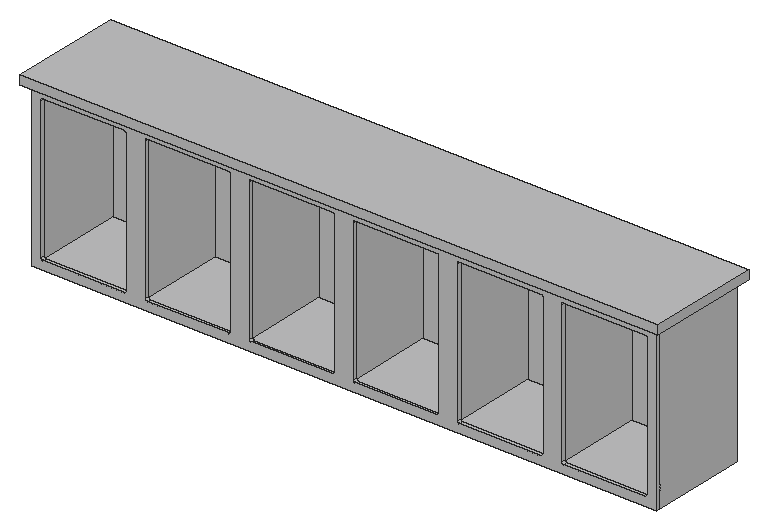
Revit family "Bench_Locker-Bradley_Corp-Lenox_6_Cubby_Bench", category Specialty Equipment, Revit 2021
Family settings
  Round Connector Dimension = Use Diameter
  Part Type = Normal
  OmniClass Number = 23.40.00.00
  OmniClass Title = Equipment and Furnishings
  Work Plane-Based = No
  Always vertical = Yes
  Cut with Voids When Loaded = No
  Shared = No
  Room Calculation Point = No
Parameters (values of type "72" Long - 6 Cubby Locker")
  Warranty Information = "20 years"
  Version = "2023-08-18"
  URL = "http://www.bradleycorp.com/"
  Type Comments = ""
  Tiers = 2
  Technical Data = ""
  Specifications URL = "https://www.bradleycorp.com/mediamanager/view/10380/CSI_Specification_Guideline_Section_105126.pdf"
  Product Tech Data URL - Spanish = ""
  Product Tech Data URL - French = ""
  Product Tech Data URL - English = "https://www.bradleycorp.com/mediamanager/view/10121/Cubby_Bench_Locker.pdf"
  Product Page URL = "https://www.bradleycorp.com/product/cubby-bench-lockers"
  OmniClass Table 23 Title = "Clothing Lockers"
  OmniClass Table 23 Number = "23-21 15 15"
  OmniClass Table 21 Title = "Storage Specialties"
  OmniClass Table 21 Number = "21-03 10 90 70"
  Modeling Code = ""
  Material Note = "Other colors available - see www.bradleycorp.com"
  MasterFormat Title = "Plastic Lockers"
  MasterFormat Number = "10 51 26"
  Locker Bench/Frame Material [instance] = Plastic - Bradley Corp - HDPE - Gray
  Model = "Lenox Cubby Bench Lockers"
  Manufacturer = "Bradley Corporation"
  Industry Standards = "n/a"
  Height = 19 3/4"
  Fire Rating = "n/a"
  Thickness [instance] = 3" / 8  # 3/8"
  Door Type [instance] = "Standard"
  Description = "Solid Plastic Cubby Bench & Lockers"
  Default Elevation = 0"
  Copyright = "This Model Data is Property of Bradley Corporation"
  Construction Comments [instance] = ""
  Bench Length [instance] = 72"
  Assembly Code = "C1030310"
  ADA Compliant = no
Reference planes (in)
  plane 1 "Center (Front/Back)": y = -3.25
  plane 2: z = -8.5
  plane 3: x = 71.5625
  plane 4 "Bottom": z = 0
  plane 5 "F.O. Bench": y = -9
  plane 6 "Left": x = -9.75
  plane 7 "Center L/T": x = 38.25
  plane 8 "Center L/U": x = 2.25
  plane 9 "C.O. Bench": x = 26.25
  plane 10 "C.O. Divider": x = 14.25
  plane 11 "Top of Bench": z = 19.75
  plane 12 "B.O. Bench Top": z = 18.75
  plane 13 "E.O. Bench Top LEFT": x = -10.5
  plane 14 "F.O. Bench Top": y = -9.75
  plane 15 "B.O. Bench Base": y = 2.5
  plane 16 "B.O. Face Plate": y = -8.625
  plane 17 "Bench Top Back": y = 3.25
  plane 18 "Left Inside Cabinet": x = -9.375
  plane 19: z = 0.375
  plane 20 "Center L/BB": x = 50.25
  plane 21 "Center L/CC": y = 2.125
  plane 22 "Center L/DD": x = 62.25
  plane 23 "E.O. Bench Top RIGHT": x = 63
  plane 24 "Right Inside Cabinet": x = 61.875
Forms (in)
  Extrusion 1, solid, material "Plastic - Bradley Corp - HDPE - Gray" <- "Locker Bench/Frame Material", detail levels medium+fine
    sketch origin (-0.75, -9, 0) x (-1, 0, 0) y (0, 0, 1)
      loop
        line (9, 0) -> (9, 18.75) -> (-63, 18.75) -> (-63, 0) -> (9, 0)
      loop
        arc (-1.6875, 17.75) -> (-1.86428, 17.67678) -> (-1.9375, 17.5) r 0.25
        line (-1.9375, 17.5) -> (-1.9375, 1.25)
        arc (-1.9375, 1.25) -> (-1.86428, 1.07322) -> (-1.6875, 1) r 0.25
        line (-1.6875, 1) -> (7.6875, 1)
        arc (7.6875, 1) -> (7.86428, 1.07322) -> (7.9375, 1.25) r 0.25
        line (7.9375, 1.25) -> (7.9375, 17.5)
        arc (7.9375, 17.5) -> (7.86428, 17.67678) -> (7.6875, 17.75) r 0.25
        line (7.6875, 17.75) -> (-1.6875, 17.75)
      loop
        arc (-13.9375, 1.25) -> (-13.86428, 1.07322) -> (-13.6875, 1) r 0.25
        line (-13.6875, 1) -> (-4.3125, 1)
        arc (-4.3125, 1) -> (-4.13572, 1.07322) -> (-4.0625, 1.25) r 0.25
        line (-4.0625, 1.25) -> (-4.0625, 17.5)
        arc (-4.0625, 17.5) -> (-4.13572, 17.67678) -> (-4.3125, 17.75) r 0.25
        line (-4.3125, 17.75) -> (-13.6875, 17.75)
        arc (-13.6875, 17.75) -> (-13.86428, 17.67678) -> (-13.9375, 17.5) r 0.25
        line (-13.9375, 17.5) -> (-13.9375, 1.25)
      loop
        line (-16.0625, 1.25) -> (-16.0625, 17.5)
        arc (-16.0625, 17.5) -> (-16.13572, 17.67678) -> (-16.3125, 17.75) r 0.25
        line (-16.3125, 17.75) -> (-25.6875, 17.75)
        arc (-25.6875, 17.75) -> (-25.86428, 17.67678) -> (-25.9375, 17.5) r 0.25
        line (-25.9375, 17.5) -> (-25.9375, 1.25)
        arc (-25.9375, 1.25) -> (-25.86428, 1.07322) -> (-25.6875, 1) r 0.25
        line (-25.6875, 1) -> (-16.3125, 1)
        arc (-16.3125, 1) -> (-16.13572, 1.07322) -> (-16.0625, 1.25) r 0.25
      loop
        line (-40.3125, 17.75) -> (-49.6875, 17.75)
        arc (-49.6875, 17.75) -> (-49.86428, 17.67678) -> (-49.9375, 17.5) r 0.25
        line (-49.9375, 17.5) -> (-49.9375, 1.25)
        arc (-49.9375, 1.25) -> (-49.86428, 1.07322) -> (-49.6875, 1) r 0.25
        line (-49.6875, 1) -> (-40.3125, 1)
        arc (-40.3125, 1) -> (-40.13572, 1.07322) -> (-40.0625, 1.25) r 0.25
        line (-40.0625, 1.25) -> (-40.0625, 17.5)
        arc (-40.0625, 17.5) -> (-40.13572, 17.67678) -> (-40.3125, 17.75) r 0.25
      loop
        arc (-37.9375, 1.25) -> (-37.86428, 1.07322) -> (-37.6875, 1) r 0.25
        line (-37.6875, 1) -> (-28.3125, 1)
        arc (-28.3125, 1) -> (-28.13572, 1.07322) -> (-28.0625, 1.25) r 0.25
        line (-28.0625, 1.25) -> (-28.0625, 17.5)
        arc (-28.0625, 17.5) -> (-28.13572, 17.67678) -> (-28.3125, 17.75) r 0.25
        line (-28.3125, 17.75) -> (-37.6875, 17.75)
        arc (-37.6875, 17.75) -> (-37.86428, 17.67678) -> (-37.9375, 17.5) r 0.25
        line (-37.9375, 17.5) -> (-37.9375, 1.25)
      loop
        line (-52.3125, 17.75) -> (-61.6875, 17.75)
        arc (-61.6875, 17.75) -> (-61.86428, 17.67678) -> (-61.9375, 17.5) r 0.25
        line (-61.9375, 17.5) -> (-61.9375, 1.25)
        arc (-61.9375, 1.25) -> (-61.86428, 1.07322) -> (-61.6875, 1) r 0.25
        line (-61.6875, 1) -> (-52.3125, 1)
        arc (-52.3125, 1) -> (-52.13572, 1.07322) -> (-52.0625, 1.25) r 0.25
        line (-52.0625, 1.25) -> (-52.0625, 17.5)
        arc (-52.0625, 17.5) -> (-52.13572, 17.67678) -> (-52.3125, 17.75) r 0.25
    from 0 to 0.375
  Extrusion 2, solid, material "Plastic - Bradley Corp - HDPE - Gray" <- "Locker Bench/Frame Material", detail levels medium+fine
    sketch origin (-11.71161, -6.5, 0) x (1, 0, 0) y (0, 0, 1)
      loop
        line (73.58661, 18.75) -> (2.33661, 18.75) -> (2.33661, 0) -> (73.58661, 0) -> (73.58661, 18.75)
    from -9 to -8.625
  Extrusion 3, solid, material "Plastic - Bradley Corp - HDPE - Gray" <- "Locker Bench/Frame Material"
    sketch origin (0, -9, 0) x (-1, 0, 0) y (0, 0, 1)
      loop
        line (10.5, 18.75) -> (10.5, 19.75) -> (-63, 19.75) -> (-63, 18.75) -> (10.5, 18.75)
    from -0.75 to 12.25
  Extrusion 4, solid, material "Plastic - Bradley Corp - HDPE - Gray" <- "Locker Bench/Frame Material"
    sketch origin (-60, -180, 0) x (-1, 0, 0) y (0, -1, 0)
      loop
        line (-50.625, -182.5) -> (-50.625, -171.375) -> (-121.875, -171.375) -> (-121.875, -182.5) -> (-50.625, -182.5)
    from 0 to 0.375
  Extrusion 5, solid, material "Plastic - Bradley Corp - HDPE - Gray" <- "Locker Bench/Frame Material"
    sketch origin (88.5, -180, 0) x (1, 0, 0) y (0, 1, 0)
      loop
        line (-97.875, 182.5) -> (-98.25, 182.5) -> (-98.25, 171.375) -> (-97.875, 171.375) -> (-97.875, 182.5)
    from 0 to 18.75
  Extrusion 6, solid, material "Plastic - Bradley Corp - HDPE - Gray" <- "Locker Bench/Frame Material"
    sketch origin (-60, -180, 0) x (-1, 0, 0) y (0, -1, 0)
      loop
        line (-62.0625, -171.375) -> (-62.4375, -171.375) -> (-62.4375, -182.125) -> (-62.0625, -182.125) -> (-62.0625, -171.375)
    from 0.375 to 18.75
  Extrusion 7, solid, material "Plastic - Bradley Corp - HDPE - Gray" <- "Locker Bench/Frame Material"
    sketch origin (76.5, -180, 0) x (1, 0, 0) y (0, 1, 0)
      loop
        line (-62.0625, 171.375) -> (-62.0625, 182.125) -> (-62.4375, 182.125) -> (-62.4375, 171.375) -> (-62.0625, 171.375)
    from 0.375 to 18.75
  Extrusion 8, solid, material "Plastic - Bradley Corp - HDPE - Gray" <- "Locker Bench/Frame Material"
    sketch origin (88.5, -180, 0) x (1, 0, 0) y (0, 1, 0)
      loop
        line (-62.0625, 171.375) -> (-62.0625, 182.125) -> (-62.4375, 182.125) -> (-62.4375, 171.375) -> (-62.0625, 171.375)
    from 0.375 to 18.75
  Extrusion 9, solid, material "Plastic - Bradley Corp - HDPE - Gray" <- "Locker Bench/Frame Material"
    sketch origin (100.5, -180, 0) x (1, 0, 0) y (0, 1, 0)
      loop
        line (-62.0625, 171.375) -> (-62.0625, 182.125) -> (-62.4375, 182.125) -> (-62.4375, 171.375) -> (-62.0625, 171.375)
    from 0.375 to 18.75
  Extrusion 10, solid, material "Plastic - Bradley Corp - HDPE - Gray" <- "Locker Bench/Frame Material"
    sketch origin (-36, -180, 0) x (-1, 0, 0) y (0, -1, 0)
      loop
        line (-97.875, -182.5) -> (-97.875, -171.375) -> (-98.25, -171.375) -> (-98.25, -182.5) -> (-97.875, -182.5)
    from 0 to 18.75
  Extrusion 11, solid, material "Plastic - Bradley Corp - HDPE - Gray" <- "Locker Bench/Frame Material"
    sketch origin (112.5, -180, 0) x (1, 0, 0) y (0, 1, 0)
      loop
        line (-62.0625, 171.375) -> (-62.0625, 182.125) -> (-62.4375, 182.125) -> (-62.4375, 171.375) -> (-62.0625, 171.375)
    from 0.375 to 18.75
Dimensions and locks (in)
  locked: plane 15 "B.O. Bench Base" to plane 5 "F.O. Bench" at 11.5
  locked: Extrusion 1 sketch curve to plane 4 "Bottom" at 1
  "Bench Length": plane 22 "Center L/DD" to plane 6 "Left"
  plane 22 "Center L/DD" to plane 20 "Center L/BB" to plane 7 "Center L/T" to plane 9 "C.O. Bench" to plane 10 "C.O. Divider" to plane 8 "Center L/U" to plane 6 "Left" = 12", 12", 12", 12", 12", 12"
  "Height": plane 11 "Top of Bench" to level
  locked: plane 12 "B.O. Bench Top" to level at 18.75
  locked: plane 13 "E.O. Bench Top LEFT" to plane 6 "Left" at 0.75
  locked: plane 5 "F.O. Bench" to plane 14 "F.O. Bench Top" at 0.75
  locked: plane 16 "B.O. Face Plate" to plane 5 "F.O. Bench" at 0.375
  equal spacing: plane 15 "B.O. Bench Base", plane 1 "Center (Front/Back)", plane 5 "F.O. Bench", locked at 5.75 each
  locked: plane 17 "Bench Top Back" to plane 14 "F.O. Bench Top" at 13
  plane 17 "Bench Top Back" to plane 15 "B.O. Bench Base" = 3/4"
  locked: plane 6 "Left" to plane 18 "Left Inside Cabinet" at 0.375
  Extrusion 1 sketch curve to Extrusion 1 sketch curve = 9 7/8"  (x3)
  Extrusion 1 sketch curve to plane 8 "Center L/U" = 1 1/16"
  Extrusion 1 sketch curve to plane 10 "C.O. Divider" = 1 1/16"
  locked: plane 19 to level at 0.375
  Extrusion 1 to Extrusion 1 = 9 7/8"  (x3)
  locked: plane 15 "B.O. Bench Base" to plane 21 "Center L/CC" at 0.375
  locked: plane 24 "Right Inside Cabinet" to plane 22 "Center L/DD" at 0.375
  locked: plane 22 "Center L/DD" to plane 23 "E.O. Bench Top RIGHT" at 0.75
  aligned and locked: Extrusion 3 to plane 17 "Bench Top Back"
  aligned and locked: Extrusion 3 to plane 13 "E.O. Bench Top LEFT"  (x2)
  aligned and locked: plane 12 "B.O. Bench Top" to Extrusion 5
  aligned and locked: Extrusion 3 to plane 14 "F.O. Bench Top"
  aligned and locked: Extrusion 3 to plane 12 "B.O. Bench Top"
  aligned and locked: Extrusion 5 to plane 12 "B.O. Bench Top"
  aligned and locked: plane 12 "B.O. Bench Top" to Extrusion 2
  aligned and locked: plane 12 "B.O. Bench Top" to Extrusion 6
  aligned and locked: Extrusion 5 to plane 6 "Left"
  aligned and locked: plane 17 "Bench Top Back" to Extrusion 3  (x2)
  aligned and locked: plane 15 "B.O. Bench Base" to Extrusion 2
  aligned and locked: Extrusion 1 to plane 5 "F.O. Bench"
  aligned and locked: level to plane 4 "Bottom"
  aligned and locked: plane 19 to Extrusion 8
  aligned and locked: plane 19 to Extrusion 7
  aligned and locked: plane 19 to Extrusion 6
  aligned and locked: plane 14 "F.O. Bench Top" to Extrusion 3
  aligned and locked: Extrusion 3 to plane 11 "Top of Bench"
  aligned and locked: Extrusion 6 to plane 12 "B.O. Bench Top"
  aligned and locked: plane 12 "B.O. Bench Top" to Extrusion 7
  aligned and locked: plane 12 "B.O. Bench Top" to Extrusion 8
  aligned and locked: plane 12 "B.O. Bench Top" to Extrusion 1
  aligned and locked: Extrusion 1 to plane 16 "B.O. Face Plate"
  aligned and locked: Extrusion 3 to plane 23 "E.O. Bench Top RIGHT"  (x2)
  aligned and locked: Extrusion 4 to plane 24 "Right Inside Cabinet"
  aligned and locked: Extrusion 10 to plane 22 "Center L/DD"  (x2)
  aligned and locked: Extrusion 2 to plane 24 "Right Inside Cabinet"
  aligned and locked: Extrusion 11 to Extrusion 2
  aligned and locked: Extrusion 9 to Extrusion 2
  aligned and locked: Extrusion 8 to Extrusion 2
  aligned and locked: Extrusion 7 to Extrusion 2
  aligned and locked: Extrusion 6 to Extrusion 2
  aligned and locked: Extrusion 2 to plane 18 "Left Inside Cabinet"
Automatic sketch dimensions
  plane 6 "Left" to Extrusion 2 sketch curve = 3/8"
  Extrusion 2 sketch curve to level = 0"
  Extrusion 2 sketch curve to plane 12 "B.O. Bench Top" = 0"
  Extrusion 2 sketch curve to plane 20 "Center L/BB" = 11 5/8"
  Extrusion 3 sketch curve to plane 12 "B.O. Bench Top" = 0"
  plane 23 "E.O. Bench Top RIGHT" to Extrusion 3 sketch curve = 0"
  Extrusion 3 sketch curve to plane 11 "Top of Bench" = 0"
  Extrusion 3 sketch curve to plane 13 "E.O. Bench Top LEFT" = 0"
  plane 15 "B.O. Bench Base" to Extrusion 4 sketch curve = 0"
  Extrusion 4 sketch curve to plane 24 "Right Inside Cabinet" = 0"
  plane 16 "B.O. Face Plate" to Extrusion 4 sketch curve = 0"
  Extrusion 4 sketch curve to plane 18 "Left Inside Cabinet" = 0"
  Extrusion 5 sketch curve to plane 6 "Left" = 0"
  plane 16 "B.O. Face Plate" to Extrusion 5 sketch curve = 0"
  Extrusion 5 sketch curve to plane 18 "Left Inside Cabinet" = 0"
  Extrusion 5 sketch curve to plane 15 "B.O. Bench Base" = 0"
  plane 16 "B.O. Face Plate" to Extrusion 6 sketch curve = 0"
  Extrusion 6 sketch curve to plane 15 "B.O. Bench Base" = 3/8"
  plane 8 "Center L/U" to Extrusion 6 sketch curve = 3/16"
  Extrusion 6 sketch curve to plane 8 "Center L/U" = 3/16"
  plane 16 "B.O. Face Plate" to Extrusion 7 sketch curve = 0"
  Extrusion 7 sketch curve to plane 15 "B.O. Bench Base" = 3/8"
  plane 10 "C.O. Divider" to Extrusion 7 sketch curve = 3/16"
  Extrusion 7 sketch curve to plane 10 "C.O. Divider" = 3/16"
  plane 16 "B.O. Face Plate" to Extrusion 8 sketch curve = 0"
  Extrusion 8 sketch curve to plane 15 "B.O. Bench Base" = 3/8"
  plane 9 "C.O. Bench" to Extrusion 8 sketch curve = 3/16"
  Extrusion 8 sketch curve to plane 9 "C.O. Bench" = 3/16"
  plane 16 "B.O. Face Plate" to Extrusion 9 sketch curve = 0"
  Extrusion 9 sketch curve to plane 15 "B.O. Bench Base" = 3/8"
  plane 7 "Center L/T" to Extrusion 9 sketch curve = 3/16"
  Extrusion 9 sketch curve to plane 7 "Center L/T" = 3/16"
  plane 15 "B.O. Bench Base" to Extrusion 10 sketch curve = 0"
  Extrusion 10 sketch curve to plane 22 "Center L/DD" = 0"
  plane 16 "B.O. Face Plate" to Extrusion 10 sketch curve = 0"
  Extrusion 10 sketch curve to plane 24 "Right Inside Cabinet" = 0"
  plane 16 "B.O. Face Plate" to Extrusion 11 sketch curve = 0"
  Extrusion 11 sketch curve to plane 15 "B.O. Bench Base" = 3/8"
  plane 20 "Center L/BB" to Extrusion 11 sketch curve = 3/16"
  Extrusion 11 sketch curve to plane 20 "Center L/BB" = 3/16"
  plane 22 "Center L/DD" to Extrusion 1 sketch curve = 0"
  Extrusion 1 sketch curve to level = 0"
  Extrusion 1 sketch curve to plane 12 "B.O. Bench Top" = 0"
  Extrusion 1 sketch curve to plane 6 "Left" = 0"
  plane 24 "Right Inside Cabinet" to Extrusion 1 sketch curve = 11/16"
  Extrusion 1 sketch curve to Extrusion 1 sketch curve = 1/4"  (x20)
  Extrusion 1 sketch curve to plane 19 = 5/8"  (x5)
  Extrusion 1 sketch curve to plane 20 "Center L/BB" = 1 5/16"  (x2)
  plane 20 "Center L/BB" to Extrusion 1 sketch curve = 1 1/16"
  Extrusion 1 sketch curve to plane 7 "Center L/T" = 1 5/16"  (x2)
  plane 7 "Center L/T" to Extrusion 1 sketch curve = 1 1/16"
  Extrusion 1 sketch curve to plane 9 "C.O. Bench" = 1 5/16"  (x2)
  plane 9 "C.O. Bench" to Extrusion 1 sketch curve = 1 1/16"
  Extrusion 1 sketch curve to plane 10 "C.O. Divider" = 1 5/16"  (x2)
  plane 10 "C.O. Divider" to Extrusion 1 sketch curve = 1 1/16"
  Extrusion 1 sketch curve to plane 8 "Center L/U" = 1 1/16"
  Extrusion 1 sketch curve to plane 12 "B.O. Bench Top" = 1 1/4"  (x6)
